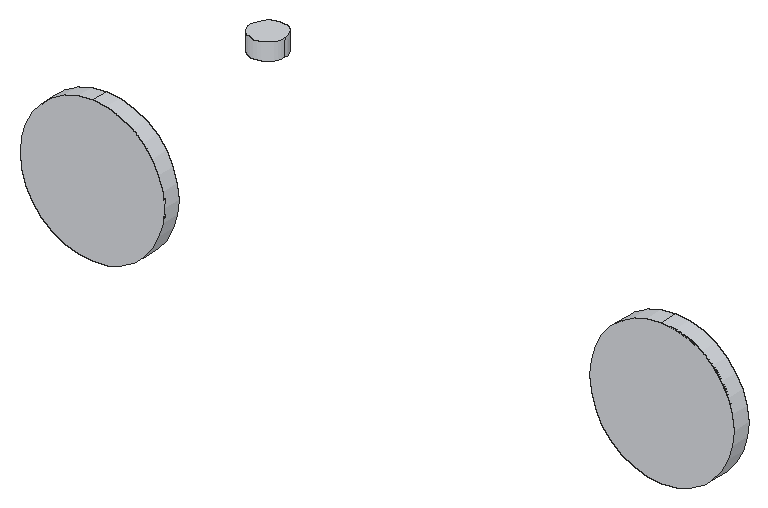
Revit family "DCX27_001_BIM", category HLS-Bauteile, Revit 2018
Family settings
  Bemaßung runder Anschluss = Durchmesser verwenden
  Klassifizierung = Keine
  Teiletyp = Normal
  OmniClass-Nummer = 23.65.35.11.14
  OmniClass-Titel = Instantaneous Water Heaters
  Arbeitsebenenbasiert = Nein
  Immer vertikal = Ja
  Beim Laden mit Abzugskörper schneiden = Nein
  Gemeinsam genutzt = Nein
  Raumberechnungspunkt = Nein
Parameters (values of type "Norm")
  Verbindung_2_Durchmesser = 0 mm
  Verbindung_1_Durchmesser = 0 mm
  URL = "https://www.clage.de/de/Produkte/E-Komfortdurchlauferhitzer/DCX"
  Modell = "DCX"
  Hersteller = "Clage GmbH"
  Beschreibung = "E-Komfortdurchlauferhitzer"
Reference planes
  plane 1 "Mitte (Vorne/Hinten)": y = 0
  plane 2: z = 0
  plane 3 "Mitte (Links/Rechts)": x = 0
Forms (mm)
  Extrusion 1, solid
    sketch origin (41.101, 38.319, -176.104) x (0, 0, 1) y (1, 0, 0)
      loop
        circle (0, 0) r 12.7
    from 0 to -3.048
  Extrusion 2, solid
    sketch origin (-58.899, 38.119, -176.095) x (0, 0, 1) y (1, 0, 0)
      loop
        circle (0, 0) r 12.7
    from 0 to -3.048
  Extrusion 3, solid
    sketch origin (0, 0, -119.504) x (0, 1, 0) y (1, 0, 0)
      loop
        circle (0, 0) r 3.048
    from 0 to -3.048
Dimensions and locks
  aligned and locked: level to plane 2
Connectors
  piping at (41.101, 38.319, -176.104), diameter 12.7
    settings: on Extrusion 1, index 1, connector inside diameter 609.6 mm, connector length 0 mm, flow factor 0, pipe flow 13.8 L/s, pressure drop 104500.0 Pa, fitting loss kfactor 0, connector angle 0.00°, fixture units 0, engagement length 0 mm, angle of deflection 0.00°, flow configuration 1, flow direction 1, fitting loss method 4, system type 20, joint type 0, gender type 0, connector reference index -1, connector utility 0, adjustable connector no, is connector primary yes, connector description ""
  piping at (-58.899, 38.119, -176.095), diameter 12.7
    settings: on Extrusion 2, index 2, connector inside diameter 609.6 mm, connector length 0 mm, flow factor 0, pipe flow 13.8 L/s, pressure drop 104500.0 Pa, fitting loss kfactor 0, connector angle 0.00°, fixture units 0, engagement length 0 mm, angle of deflection 0.00°, flow configuration 1, flow direction 2, fitting loss method 4, system type 19, joint type 0, gender type 0, connector reference index -1, connector utility 0, adjustable connector no, is connector primary no, connector description ""
  electrical at (0, 0, -119.504)
    settings: on Extrusion 3, index 3, voltage 400 V, apparent load 0 VA, apparent load phase1 0 VA, apparent load phase2 0 VA, apparent load phase3 0 VA, power factor 0, load classification "Sonstige", number of poles 3, system type 30, power factor state 1, is connector primary yes, connector utility no, sub classification motor no, connector description ""
